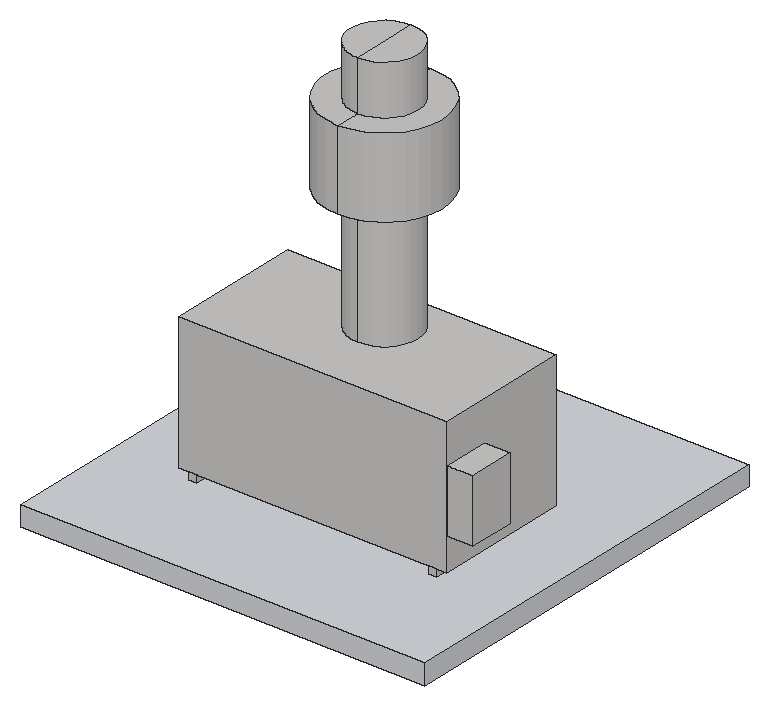
Revit family "DC_Rheem_PLM_Raypak_B1242HWT", category Plumbing Fixtures, host Face, Revit 2020
Family settings
  Host = Face
  Round Connector Dimension = Use Radius
  Part Type = Normal
  Cut with Voids When Loaded = No
  Shared = No
  Room Calculation Point = No
Parameters (values of type "Raypak - Gas Water Heater- Outdoor - 1242 MJ/h  Natural gas, On/Off gas control")
  URL = "http://www.rheem.com.au/CommercialProducts"
  Type Comments = "Recovery 4730L/h @ 50°C rise\r\n"
  TopSmallDia_ANZRS = 405 mm
  TopH2_ANZRS = 480 mm
  TopH1_ANZRS = 300 mm
  TopBigDia_ANZRS = 700 mm
  Materials_ANZRS = Raypak - Grey Powder Coated Steel
  PVRRadius_ANZRS = 15 mm
  PVRDist_ANZRS = 85 mm
  Model = "B1242NCO/HWT\r\n\r\n"
  Manufacturer = "Raypak\r\n"
  Length_ANZRS = 1615 mm
  HotWaterPipeDist_ANZRS = 155 mm
  HotWaterPipeRadius_ANZRS = 32.5 mm
  HotWaterPipeDiameter_ANZRS = HotWaterPipeRadius_ANZRS * 2  # 65 mm
  GasPipeRadius_ANZRS = 20 mm
  GasPipeHeight_ANZRS = 410 mm
  GasPipeDist_ANZRS = 130 mm
  GasPipeDiameter_ANZRS = GasPipeRadius_ANZRS * 2  # 40 mm
  EleBoxWidth_ANZRS = 160 mm
  EleBoxHeightfromBase_ANZRS = 245 mm
  EleBoxHeight_ANZRS = 380 mm
  DesignBy_ANZRS = "Design Content ©"
  Description = "Raypak - Gas Water Heater- Outdoor - 1242 MJ/h  Natural gas, modulating gas control\r\n"
  Default Elevation = 0 mm
  ConnHeight_ANZRS = 755 mm
  ColdWaterPipeRadius_ANZRS = 32.5 mm
  ColdWaterPipeDisi_ANZRS = 280 mm
  ColdWaterPipeDiameter_ANZRS = ColdWaterPipeRadius_ANZRS * 2  # 65 mm
  BoxHeight_ANZRS = 860 mm
  BaseWidth_ANZRS = 50 mm
  BaseHeight_ANZRS = 45 mm
  BaseDist_ANZRS = 60 mm
  Author_ANZRS = "DM"
  Assembly Code = ""
Types (5, lengths in mm): name | URL | Type Comments | TopSmallDia_ANZRS | Model | GasPipeRadius_ANZRS | GasPipeDiameter_ANZRS | Description
  (no name) | "http://www.rheem.com.au/downloads/PDF/Raypak_Mechanical_Heating_Brochure_July_09.pdf\r\n" | "Recovery 4610L/h @ 50°C rise\r\n" | 450 | "B1242PCO/HWT\r\n\r\n" | 16 | 32 | "Raypak - Gas Water Heater- Outdoor - 1186 MJ/h  Propane gas, On/Off gas control\r\n"
  Raypak - Gas Water Heater- Outdoor - 1242 MJ/h  Natural gas, modulating gas control | "http://www.rheem.com.au/CommercialProducts" | "Recovery 4730L/h @ 50°C rise\r\n" | 450 | "B1242NCM/HWT\r\n" | 20 | 40 | "Raypak - Gas Water Heater- Outdoor - 1242 MJ/h  Natural gas, modulating gas control\r\n"
  Raypak - Gas Water Heater- Outdoor - 1242 MJ/h  Natural gas, On/Off gas control | "http://www.rheem.com.au/CommercialProducts" | "Recovery 4730L/h @ 50°C rise\r\n" | 405 | "B1242NCO/HWT\r\n\r\n" | 20 | 40 | "Raypak - Gas Water Heater- Outdoor - 1242 MJ/h  Natural gas, modulating gas control\r\n"
  Raypak - Gas Water Heater- Outdoor - 1186 MJ/h  Propane gas, modulating gas control | "http://www.rheem.com.au/CommercialProducts" | "Recovery 4610L/h @ 50°C rise\r\n" | 450 | "B1242PCM/HWT\r\n" | 10 | 20 | "Raypak - Gas Water Heater- Outdoor - 1242 MJ/h  Natural gas, modulating gas control\r\n"
  Raypak - Gas Water Heater- Outdoor - 1186 MJ/h  Propane gas, On/Off gas control | "http://www.rheem.com.au/CommercialProducts" | "Recovery 4610L/h @ 50°C rise\r\n" | 450 | "B1242PCO/HWT\r\n\r\n" | 16 | 32 | "Raypak - Gas Water Heater- Outdoor - 1186 MJ/h  Propane gas, On/Off gas control\r\n"
Reference planes
  plane 1 "Center (Front/Back)": y = 0
  plane 2: z = 0
  plane 3 "Center (Left/Right)": x = 0
  plane 4: z = 45
  plane 5: x = -807.5
  plane 6: x = 807.5
  plane 7: x = 967.5
  plane 8: z = 245
  plane 9: z = 860
  plane 10: x = -747.5
  plane 11: x = 747.5
  plane 12: x = -697.5
  plane 13: x = 697.5
  plane 14: y = 285
  plane 15: y = -540
  plane 16: z = 2395
  plane 17: z = 2095
  plane 18: z = 1615
  plane 19: y = 202.5
  plane 20: y = -202.5
  plane 21: y = 350
  plane 22: y = -350
  plane 23: z = 755
  plane 24: y = 200
  plane 25: y = 130
  plane 26: y = -150
  plane 27: y = -410
  plane 28: z = 410
  plane 29: z = 625
  plane 30: x = -202.5
  plane 31: x = 202.5
  plane 32: x = -350
  plane 33: x = 350
  plane 34: x = -797.5
  plane 35: x = -827.5
  plane 36: y = -155
Forms (mm)
  Extrusion 1, solid
    sketch origin (0, 0, 0) x (1, 0, 0) y (0, 1, 0)
      loop
        line (-1219.2, 1219.2) -> (-1219.2, -1219.2) -> (1219.2, -1219.2) -> (1219.2, 1219.2) -> (-1219.2, 1219.2)
    from 0 to -120
  Extrusion 2, solid, material "Raypak - Grey Powder Coated Steel" <- "Materials_ANZRS"
    sketch origin (0, 0, 0) x (1, 0, 0) y (0, 0, 1)
      loop
        line (-747.5, 45) -> (-747.5, 0) -> (-697.5, 0) -> (-697.5, 45) -> (-747.5, 45)
      loop
        line (697.5, 45) -> (697.5, 0) -> (747.5, 0) -> (747.5, 45) -> (697.5, 45)
    from -285 to 540
  Extrusion 3, solid, material "Raypak - Grey Powder Coated Steel" <- "Materials_ANZRS"
    sketch origin (0, 0, 0) x (1, 0, 0) y (0, 1, 0)
      loop
        line (-807.5, 285) -> (-807.5, -540) -> (807.5, -540) -> (807.5, 285) -> (-807.5, 285)
    from 45 to 860
  Revolve 4, solid, material "Raypak - Grey Powder Coated Steel" <- "Materials_ANZRS"
    sketch origin (0, 0, 0) x (0, 1, 0) y (0, 0, 1)
      loop
        line (0, 2395) -> (-202.5, 2395) -> (-202.5, 2095) -> (-350, 2095) -> (-350, 1615) -> (-202.5, 1615) -> (-202.5, 860) -> (0, 860) -> (0, 2395)
      axis (0, 2395) -> (0, 860)
    angle from 0 to 360
  Extrusion 5, solid, material "Raypak - Grey Powder Coated Steel" <- "Materials_ANZRS"
    sketch origin (0, 0, 0) x (1, 0, 0) y (0, 0, 1)
      loop
        line (807.5, 625) -> (807.5, 245) -> (967.5, 245) -> (967.5, 625) -> (807.5, 625)
    from 260.843 to 540
  Extrusion 6, void
    sketch origin (0, 0, 0) x (0, 1, 0) y (0, 0, 1)
      loop
        circle (200, 755) r 15
      loop
        circle (130, 755) r 32.5
      loop
        circle (-150, 755) r 32.5
    from -807.5 to -797.5
  Extrusion 7, solid, material "Raypak - Grey Powder Coated Steel" <- "Materials_ANZRS"
    sketch origin (0, 0, 0) x (0, 1, 0) y (0, 0, 1)
      loop
        circle (-410, 410) r 20
    from -827.5 to -807.5
Cuts and joins
  Extrusion 6 cuts Extrusion 3
  joined: Extrusion 3, Extrusion 7
Lines and regions (mm)
  Masking region 1
    outline origin (0, 0, 0) x (1, 0, 0) y (0, 1, 0)
      loop
        line (-807.5, 285) -> (-807.5, -395) -> (-827.5, -395) -> (-827.5, -425) -> (-807.5, -425) -> (-807.5, -540) -> (967.5, -540) -> (967.5, -155) -> (807.5, -155) -> (807.5, 285) -> (203.162, 285)
        arc (203.162, 285) -> (106.654, 333.354) -> (0, 350) r 350
        arc (0, 350) -> (-106.654, 333.354) -> (-203.162, 285) r 350
        line (-203.162, 285) -> (-807.5, 285)
  Masking region 2
    outline origin (0, 0, 0) x (1, 0, 0) y (0, 0, 1)
      loop
        line (202.5, 2395) -> (-202.5, 2395) -> (-202.5, 2095) -> (-350, 2095) -> (-350, 1615) -> (-202.5, 1615) -> (-202.5, 860) -> (-807.5, 860) -> (-807.5, 425) -> (-827.5, 425) -> (-827.5, 395) -> (-807.5, 395) -> (-807.5, 45) -> (-747.5, 45) -> (-747.5, 0) -> (-697.5, 0) -> (-697.5, 45) -> (697.5, 45) -> (697.5, 0) -> (747.5, 0) -> (747.5, 45) -> (807.5, 45) -> (807.5, 245) -> (967.5, 245) -> (967.5, 625) -> (807.5, 625) -> (807.5, 860) -> (202.5, 860) -> (202.5, 1615) -> (350, 1615) -> (350, 2095) -> (202.5, 2095) -> (202.5, 2395)
  Masking region 3
    outline origin (0, 0, 0) x (0, 1, 0) y (0, 0, 1)
      loop
        line (202.5, 2395) -> (-202.5, 2395) -> (-202.5, 2095) -> (-350, 2095) -> (-350, 1615) -> (-202.5, 1615) -> (-202.5, 860) -> (-540, 860) -> (-540, 0) -> (285, 0) -> (285, 860) -> (202.5, 860) -> (202.5, 1615) -> (350, 1615) -> (350, 2095) -> (202.5, 2095) -> (202.5, 2395)
  symbolic lines, style "Rheem Raypak", detail levels fine
    curve 1: line (-350, 0, 2095) -> (-350, 0, 1615)
    curve 2: line (-350, 0, 1615) -> (350, 0, 1615)
    curve 3: line (-202.5, 0, 1615) -> (-202.5, 0, 860)
    curve 4: line (-202.5, 0, 2395) -> (-202.5, 0, 2095)
    curve 5: line (202.5, 0, 2395) -> (-202.5, 0, 2395)
    curve 6: line (202.5, 0, 2095) -> (202.5, 0, 2395)
    curve 7: line (350, 0, 2095) -> (-350, 0, 2095)
    curve 8: line (350, 0, 1615) -> (350, 0, 2095)
    curve 9: line (202.5, 0, 860) -> (202.5, 0, 1615)
    curve 10: line (807.5, 0, 860) -> (-807.5, 0, 860)
    curve 11: line (807.5, 0, 45) -> (807.5, 0, 860)
    curve 12: line (-807.5, 0, 860) -> (-807.5, 0, 45)
    curve 13: line (-807.5, 0, 45) -> (807.5, 0, 45)
    curve 14: line (-697.5, 0, 0) -> (-697.5, 0, 45)
    curve 15: line (-747.5, 0, 0) -> (-697.5, 0, 0)
    curve 16: line (-747.5, 0, 45) -> (-747.5, 0, 0)
    curve 17: line (747.5, 0, 0) -> (747.5, 0, 45)
    curve 18: line (697.5, 0, 45) -> (697.5, 0, 0)
    curve 19: line (697.5, 0, 0) -> (747.5, 0, 0)
    curve 20: line (807.5, 0, 245) -> (967.5, 0, 245)
    curve 21: line (967.5, 0, 245) -> (967.5, 0, 625)
    curve 22: line (967.5, 0, 625) -> (807.5, 0, 625)
    curve 23: line (-827.5, 0, 395) -> (-807.5, 0, 395)
    curve 24: line (-827.5, 0, 425) -> (-827.5, 0, 395)
    curve 25: line (-807.5, 0, 425) -> (-827.5, 0, 425)
    curve 26: line (0, -350, 2095) -> (0, 350, 2095)
    curve 27: line (0, -350, 1615) -> (0, 350, 1615)
    curve 28: line (0, 350, 1615) -> (0, 350, 2095)
    curve 29: line (0, -350, 2095) -> (0, -350, 1615)
    curve 30: line (0, -202.5, 2395) -> (0, -202.5, 2095)
    curve 31: line (0, 202.5, 2095) -> (0, 202.5, 2395)
    curve 32: line (0, -202.5, 2395) -> (0, 202.5, 2395)
    curve 33: line (0, -202.5, 1615) -> (0, -202.5, 860)
    curve 34: line (0, 202.5, 860) -> (0, 202.5, 1615)
    curve 35: line (0, 285, 860) -> (0, -540, 860)
    curve 36: line (0, -540, 860) -> (0, -540, 45)
    curve 37: line (0, 285, 45) -> (0, 285, 860)
    curve 38: line (0, -540, 45) -> (0, 285, 45)
    curve 39: line (0, 285, 0) -> (0, 285, 45)
    curve 40: line (0, -540, 45) -> (0, -540, 0)
    curve 41: line (0, -540, 0) -> (0, 285, 0)
    curve 42: arc (0, -182.5, 755) -> (0, -150, 722.5) -> (0, -117.5, 755) r 32.5
    curve 43: arc (0, -117.5, 755) -> (0, -150, 787.5) -> (0, -182.5, 755) r 32.5
    curve 44: arc (0, -390, 410) -> (0, -410, 390) -> (0, -430, 410) r 20
    curve 45: arc (0, -430, 410) -> (0, -410, 430) -> (0, -390, 410) r 20
    curve 46: arc (0, 97.5, 755) -> (0, 130, 722.5) -> (0, 162.5, 755) r 32.5
    curve 47: arc (0, 162.5, 755) -> (0, 130, 787.5) -> (0, 97.5, 755) r 32.5
    curve 48: arc (0, 185, 755) -> (0, 200, 740) -> (0, 215, 755) r 15
    curve 49: arc (0, 215, 755) -> (0, 200, 770) -> (0, 185, 755) r 15
    curve 50: arc (0, -350, 0) -> (-350, 0, 0) -> (0, 350, 0) r 350
    curve 51: arc (0, 350, 0) -> (350, 0, 0) -> (0, -350, 0) r 350
    curve 52: arc (0, 202.5, 0) -> (202.5, 0, 0) -> (0, -202.5, 0) r 202.5
    curve 53: arc (0, -202.5, 0) -> (-202.5, 0, 0) -> (0, 202.5, 0) r 202.5
    curve 54: line (807.5, 285, 0) -> (180.662, 285, 0)
    curve 55: line (807.5, -540, 0) -> (807.5, 285, 0)
    curve 56: line (-807.5, -540, 0) -> (807.5, -540, 0)
    curve 57: line (-807.5, 285, 0) -> (-807.5, -540, 0)
    curve 58: line (967.5, -540, 0) -> (967.5, -155, 0)
    curve 59: line (807.5, -540, 0) -> (967.5, -540, 0)
    curve 60: line (-827.5, -395, 0) -> (-827.5, -425, 0)
    curve 61: line (-180.662, 285, 0) -> (-807.5, 285, 0)
    curve 62: line (-827.5, -395, 0) -> (-807.5, -395, 0)
    curve 63: line (-827.5, -425, 0) -> (-807.5, -425, 0)
Dimensions and locks
  "BaseHeight_ANZRS": plane 4 to level
  equal spacing: plane 6, plane 3 "Center (Left/Right)", plane 5
  "Length_ANZRS": plane 5 to plane 6
  "EleBoxWidth_ANZRS": plane 6 to plane 7
  "EleBoxHeightfromBase_ANZRS": plane 8 to Extrusion 1
  "EleBoxHeight_ANZRS": plane 29 to plane 8
  "BaseDist_ANZRS": plane 10 to plane 5
  "BaseDist_ANZRS": plane 11 to plane 6
  "BaseWidth_ANZRS": plane 10 to plane 12
  "BaseWidth_ANZRS": plane 11 to plane 13
  plane 1 "Center (Front/Back)" to plane 15 = 540 mm
  plane 14 to plane 15 = 825 mm
  plane 16 to Extrusion 1 = 2395 mm
  "TopSmallDia_ANZRS": plane 19 to plane 20
  equal spacing: plane 19, plane 1 "Center (Front/Back)", plane 20
  equal spacing: plane 21, plane 1 "Center (Front/Back)", plane 22
  "TopBigDia_ANZRS": plane 21 to plane 22
  "ConnHeight_ANZRS": plane 23 to Extrusion 1
  "BoxHeight_ANZRS": plane 9 to Extrusion 1
  "PVRDist_ANZRS": plane 14 to plane 24
  "HotWaterPipeDist_ANZRS": plane 14 to plane 25
  "ColdWaterPipeDisi_ANZRS": plane 25 to plane 26
  "GasPipeDist_ANZRS": plane 27 to plane 15
  "GasPipeHeight_ANZRS": plane 28 to Extrusion 1
  "TopH1_ANZRS": plane 16 to plane 17
  "TopH2_ANZRS": plane 17 to plane 18
  equal spacing: plane 32, plane 3 "Center (Left/Right)", plane 33
  "TopSmallDia_ANZRS": plane 30 to plane 31
  equal spacing: plane 30, plane 3 "Center (Left/Right)", plane 31
  "TopBigDia_ANZRS": plane 32 to plane 33
  locked: plane 5 to plane 34 at 10
  locked: plane 35 to plane 5 at 20
  "ColdWaterPipeRadius_ANZRS": radius of Extrusion 6 sketch curve
  "HotWaterPipeRadius_ANZRS": radius of Extrusion 6 sketch curve
  "PVRRadius_ANZRS": radius of Extrusion 6 sketch curve
  "GasPipeRadius_ANZRS": radius of Extrusion 7 sketch curve
  aligned and locked: plane 2 to Extrusion 1
  aligned and locked: level to Extrusion 1
  aligned and locked: Extrusion 2 sketch curve to plane 4  (x2)
  aligned and locked: Extrusion 2 sketch curve to plane 10
  aligned and locked: level to Extrusion 2 sketch curve  (x2)
  aligned and locked: plane 12 to Extrusion 2 sketch curve
  aligned and locked: plane 13 to Extrusion 2 sketch curve
  aligned and locked: plane 11 to Extrusion 2 sketch curve
  aligned and locked: plane 14 to Extrusion 3 sketch curve
  aligned and locked: plane 15 to Extrusion 3 sketch curve
  aligned and locked: plane 6 to Extrusion 3 sketch curve
  aligned and locked: plane 9 to Extrusion 3
  aligned and locked: Extrusion 3 to plane 4
  aligned and locked: Extrusion 2 to plane 15
  aligned and locked: Extrusion 2 to plane 14
  aligned and locked: plane 16 to Revolve 4 sketch curve
  aligned and locked: Revolve 4 sketch curve to plane 20
  aligned and locked: Revolve 4 sketch curve to plane 22
  aligned and locked: plane 9 to Revolve 4 sketch curve
  aligned and locked: Revolve 4 sketch curve to plane 1 "Center (Front/Back)"
  aligned and locked: Extrusion 5 sketch curve to plane 29
  aligned and locked: Extrusion 5 sketch curve to plane 6
  aligned and locked: plane 8 to Extrusion 5 sketch curve
  aligned and locked: plane 7 to Extrusion 5 sketch curve
  aligned: Extrusion 2 to Extrusion 5
  aligned and locked: Extrusion 5 to Extrusion 2
  aligned and locked: plane 24 to Extrusion 6 sketch curve
  aligned and locked: plane 23 to Extrusion 6 sketch curve  (x3)
  aligned and locked: plane 25 to Extrusion 6 sketch curve
  aligned and locked: plane 26 to Extrusion 6 sketch curve
  aligned and locked: Extrusion 3 to plane 5
  aligned and locked: Extrusion 6 to plane 5
  aligned and locked: Extrusion 6 to plane 34
  aligned and locked: plane 28 to Extrusion 7 sketch curve
  aligned and locked: plane 27 to Extrusion 7 sketch curve
  aligned and locked: plane 35 to Extrusion 7
  aligned: Extrusion 7 to plane 34
  aligned and locked: plane 5 to Extrusion 7
  aligned and locked: Masking region 1 sketch curve to cut or joined group of Extrusion 3, Extrusion 6, Extrusion 7  (x2)
  aligned and locked: Masking region 1 sketch curve to Extrusion 5  (x2)
  aligned and locked: cut or joined group of Extrusion 3, Extrusion 6, Extrusion 7 to Masking region 1 sketch curve
  aligned and locked: Masking region 1 sketch curve to Revolve 4  (x2)
  aligned and locked: Masking region 2 sketch curve to plane 31
  aligned and locked: Masking region 2 sketch curve to plane 30
  aligned and locked: Masking region 2 sketch curve to plane 16
  aligned and locked: Masking region 2 sketch curve to plane 17
  aligned and locked: Masking region 2 sketch curve to plane 18
  aligned and locked: Masking region 2 sketch curve to plane 33
  aligned and locked: Masking region 2 sketch curve to plane 32
  aligned and locked: Masking region 2 sketch curve to plane 9
  aligned and locked: plane 6 to Masking region 2 sketch curve
  aligned and locked: Masking region 2 sketch curve to plane 29
  aligned and locked: Masking region 2 sketch curve to plane 8
  aligned and locked: plane 7 to Masking region 2 sketch curve
  aligned and locked: cut or joined group of Extrusion 3, Extrusion 6, Extrusion 7 to Masking region 2 sketch curve
  aligned and locked: Masking region 2 sketch curve to plane 5
  aligned and locked: Extrusion 1 to Masking region 2 sketch curve  (x2)
  aligned and locked: plane 16 to Masking region 3 sketch curve
  aligned and locked: plane 17 to Masking region 3 sketch curve
  aligned and locked: Masking region 3 sketch curve to plane 22
  aligned and locked: Masking region 3 sketch curve to plane 21
  aligned and locked: Masking region 3 sketch curve to plane 19
  aligned and locked: Masking region 3 sketch curve to plane 20
  aligned and locked: plane 9 to Masking region 3 sketch curve
  aligned and locked: Masking region 3 sketch curve to plane 15
  aligned and locked: plane 14 to Masking region 3 sketch curve
  aligned and locked: Extrusion 1 to Masking region 3 sketch curve
  aligned and locked: plane 18 to Masking region 3 sketch curve
  aligned and locked: Masking region 2 sketch curve to plane 12
  aligned and locked: Masking region 2 sketch curve to plane 10
  aligned and locked: Masking region 2 sketch curve to plane 11
  aligned and locked: plane 13 to Masking region 2 sketch curve
  aligned and locked: Masking region 2 sketch curve to plane 4  (x3)
  aligned and locked: curve 1 to Masking region 2
  aligned and locked: curve 2 to Masking region 2
  aligned and locked: curve 3 to Masking region 2
  aligned and locked: curve 4 to Masking region 2
  aligned and locked: curve 5 to Masking region 2
  aligned and locked: curve 6 to Masking region 2
  aligned and locked: curve 7 to Masking region 2
  aligned and locked: curve 8 to Masking region 2
  aligned and locked: curve 9 to Masking region 2
  aligned and locked: curve 10 to cut or joined group of Extrusion 3, Extrusion 6, Extrusion 7
  aligned and locked: curve 11 to cut or joined group of Extrusion 3, Extrusion 6, Extrusion 7
  aligned and locked: curve 12 to cut or joined group of Extrusion 3, Extrusion 6, Extrusion 7
  aligned and locked: curve 13 to cut or joined group of Extrusion 3, Extrusion 6, Extrusion 7
  aligned and locked: curve 14 to Extrusion 2
  aligned and locked: curve 15 to Extrusion 2
  aligned and locked: curve 16 to Extrusion 2
  aligned and locked: curve 17 to Extrusion 2
  aligned and locked: curve 18 to Extrusion 2
  aligned and locked: curve 19 to Extrusion 2
  aligned and locked: curve 20 to Extrusion 5
  aligned and locked: curve 21 to Extrusion 5
  aligned and locked: curve 22 to Extrusion 5
  aligned and locked: curve 23 to Masking region 2
  aligned and locked: cut or joined group of Extrusion 3, Extrusion 6, Extrusion 7 to curve 24
  aligned and locked: curve 25 to Masking region 2
  aligned and locked: curve 26 to Revolve 4
  aligned and locked: curve 27 to Revolve 4
  aligned and locked: curve 28 to Masking region 3
  aligned and locked: curve 29 to Masking region 3
  aligned and locked: curve 30 to Masking region 3
  aligned and locked: curve 31 to Masking region 3
  aligned and locked: curve 32 to Revolve 4
  aligned and locked: curve 33 to Masking region 3
  aligned and locked: curve 34 to Masking region 3
  aligned and locked: curve 35 to cut or joined group of Extrusion 3, Extrusion 6, Extrusion 7
  aligned and locked: curve 36 to cut or joined group of Extrusion 3, Extrusion 6, Extrusion 7
  aligned and locked: curve 37 to cut or joined group of Extrusion 3, Extrusion 6, Extrusion 7
  aligned and locked: curve 38 to cut or joined group of Extrusion 3, Extrusion 6, Extrusion 7
  aligned and locked: curve 39 to Extrusion 2
  aligned and locked: curve 40 to Extrusion 2
  aligned and locked: curve 41 to Extrusion 2
  aligned and locked: curve 48 to cut or joined group of Extrusion 3, Extrusion 6, Extrusion 7
  aligned and locked: curve 49 to cut or joined group of Extrusion 3, Extrusion 6, Extrusion 7
  aligned and locked: curve 50 to Revolve 4
  aligned and locked: curve 51 to Revolve 4
  aligned and locked: curve 52 to Revolve 4
  aligned and locked: curve 53 to Revolve 4
  aligned and locked: curve 54 to cut or joined group of Extrusion 3, Extrusion 6, Extrusion 7
  aligned and locked: curve 55 to cut or joined group of Extrusion 3, Extrusion 6, Extrusion 7
  aligned and locked: curve 56 to cut or joined group of Extrusion 3, Extrusion 6, Extrusion 7
  aligned and locked: curve 57 to cut or joined group of Extrusion 3, Extrusion 6, Extrusion 7
  aligned and locked: curve 58 to Extrusion 5
  aligned and locked: curve 59 to Extrusion 5
  aligned and locked: cut or joined group of Extrusion 3, Extrusion 6, Extrusion 7 to curve 60
  aligned and locked: curve 46 to cut or joined group of Extrusion 3, Extrusion 6, Extrusion 7
  aligned and locked: curve 42 to cut or joined group of Extrusion 3, Extrusion 6, Extrusion 7
  aligned and locked: curve 44 to cut or joined group of Extrusion 3, Extrusion 6, Extrusion 7
Automatic sketch dimensions
  Extrusion 1 sketch curve to Extrusion 1 sketch curve = 2438.4 mm  (x2)
  Revolve 4 sketch curve to plane 1 "Center (Front/Back)" = 0 mm
  Revolve 4 sketch curve to plane 16 = 51.193 mm
  Revolve 4 sketch curve to level = 2207.352 mm
  Revolve 4 sketch curve to plane 18 = 0 mm
  Revolve 4 sketch curve to plane 20 = 0 mm
  Revolve 4 sketch curve to plane 17 = 0 mm
  Extrusion 3 sketch curve to plane 5 = 0 mm
  plane 30 to Masking region 2 sketch curve = 0 mm
  Masking region 2 sketch curve to plane 18 = 0 mm
  Masking region 2 sketch curve to plane 31 = 0 mm
  Masking region 2 sketch curve to plane 9 = 0 mm
  Masking region 2 sketch curve to plane 17 = 0 mm
  Masking region 2 sketch curve to plane 28 = 15 mm
  Masking region 2 sketch curve to plane 5 = 0 mm
  plane 28 to Masking region 2 sketch curve = 15 mm
  Masking region 3 sketch curve to plane 19 = 0 mm
  Masking region 3 sketch curve to plane 17 = 0 mm
  Masking region 3 sketch curve to plane 20 = 0 mm
  Masking region 3 sketch curve to plane 18 = 0 mm
  Masking region 3 sketch curve to plane 9 = 0 mm
  plane 6 to Masking region 2 sketch curve = 0 mm
  curve 3 to plane 9 = 0 mm
  curve 4 to plane 16 = 0 mm
  curve 5 to plane 31 = 0 mm
  curve 7 to plane 33 = 0 mm
  curve 8 to plane 18 = 0 mm
  curve 10 to plane 5 = 0 mm
  plane 6 to curve 10 = 0 mm
  curve 11 to plane 4 = 0 mm
  curve 14 to level = 0 mm
  plane 12 to curve 14 = 0 mm
  plane 10 to curve 15 = 0 mm
  curve 17 to level = 0 mm
  plane 11 to curve 17 = 0 mm
  curve 18 to plane 13 = 0 mm
  plane 7 to curve 20 = 0 mm
  curve 20 to plane 8 = 0 mm
  curve 21 to plane 29 = 0 mm
  plane 35 to curve 23 = 0 mm
  curve 23 to plane 28 = 15 mm
  plane 28 to curve 24 = 15 mm
  curve 9 to plane 31 = 0 mm
  plane 30 to curve 3 = 0 mm
  plane 32 to curve 1 = 0 mm
  plane 30 to curve 4 = 0 mm
  curve 1 to plane 17 = 0 mm
  curve 27 to plane 18 = 0 mm
  curve 27 to plane 22 = 0 mm
  curve 26 to plane 17 = 0 mm
  curve 27 to plane 21 = 0 mm
  curve 30 to plane 20 = 0 mm
  curve 31 to plane 19 = 0 mm
  curve 31 to plane 16 = 0 mm
  curve 33 to plane 20 = 0 mm
  curve 33 to plane 9 = 0 mm
  curve 34 to plane 19 = 0 mm
  curve 35 to plane 15 = 0 mm
  curve 35 to plane 14 = 0 mm
  curve 37 to plane 4 = 0 mm
  curve 40 to level = 0 mm
  curve 48 to plane 23 = 0 mm
  curve 49 to plane 24 = 0 mm
  plane 24 to curve 48 = 15 mm
  Masking region 1 sketch curve to plane 5 = 0 mm
  plane 14 to Masking region 1 sketch curve = 0 mm
  Masking region 1 sketch curve to plane 6 = 0 mm
  plane 27 to Masking region 1 sketch curve = 15 mm
  Masking region 1 sketch curve to plane 27 = 15 mm
  Masking region 1 sketch curve to plane 36 = 0 mm
  curve 63 to plane 35 = 0 mm
  curve 61 to plane 5 = 0 mm
  plane 14 to curve 61 = 0 mm
  plane 14 to curve 54 = 0 mm
  curve 54 to plane 6 = 0 mm
  curve 59 to plane 7 = 0 mm
  curve 56 to plane 15 = 0 mm
  curve 58 to plane 36 = 0 mm
  curve 61 to plane 30 = 21.838 mm
  curve 54 to plane 31 = 21.838 mm
  plane 27 to curve 63 = 15 mm
  curve 62 to plane 27 = 15 mm
Connectors
  piping at (-807.5, 200, 755), diameter 30, driven by "PVRRadius_ANZRS"
    settings: on cut or joined group of Extrusion 3, Extrusion 6, Extrusion 7, index 1, connector inside diameter 1.1811", connector length 0 mm, flow factor 0, pipe flow 0 GPM, pressure drop 0.00 psi, fitting loss kfactor 0, connector angle 0.00°, fixture units 0, engagement length 0 mm, angle of deflection 0.00°, flow configuration 1, flow direction 2, fitting loss method 0, system type 22, joint type 0, gender type 0, connector reference index -1, connector utility 0, adjustable connector no, is connector primary yes, connector description "PRV"
  piping at (-807.5, 130, 755), diameter 65, driven by "HotWaterPipeRadius_ANZRS"
    settings: on cut or joined group of Extrusion 3, Extrusion 6, Extrusion 7, index 2, connector inside diameter 2.55906", connector length 0 mm, flow factor 0, pipe flow 0 GPM, pressure drop 0.00 psi, fitting loss kfactor 0, connector angle 0.00°, fixture units 0, engagement length 0 mm, angle of deflection 0.00°, flow configuration 1, flow direction 2, fitting loss method 0, system type 19, joint type 0, gender type 0, connector reference index -1, connector utility 0, adjustable connector no, is connector primary no, connector description ""
  piping at (-807.5, -150, 755), diameter 65, driven by "ColdWaterPipeRadius_ANZRS"
    settings: on cut or joined group of Extrusion 3, Extrusion 6, Extrusion 7, index 3, connector inside diameter 2.55906", connector length 0 mm, flow factor 0, pipe flow 0 GPM, pressure drop 0.00 psi, fitting loss kfactor 0, connector angle 0.00°, fixture units 0, engagement length 0 mm, angle of deflection 0.00°, flow configuration 1, flow direction 1, fitting loss method 0, system type 20, joint type 0, gender type 0, connector reference index -1, connector utility 0, adjustable connector no, is connector primary no, connector description ""
  piping at (-827.5, -410, 410), diameter 40, driven by "GasPipeRadius_ANZRS"
    settings: on cut or joined group of Extrusion 3, Extrusion 6, Extrusion 7, index 4, connector inside diameter 1.25984", connector length 0 mm, flow factor 0, pipe flow 0 GPM, pressure drop 0.00 psi, fitting loss kfactor 0, connector angle 0.00°, fixture units 0, engagement length 0 mm, angle of deflection 0.00°, flow configuration 1, flow direction 1, fitting loss method 0, system type 22, joint type 0, gender type 0, connector reference index -1, connector utility 0, adjustable connector no, is connector primary no, connector description "Gas"
